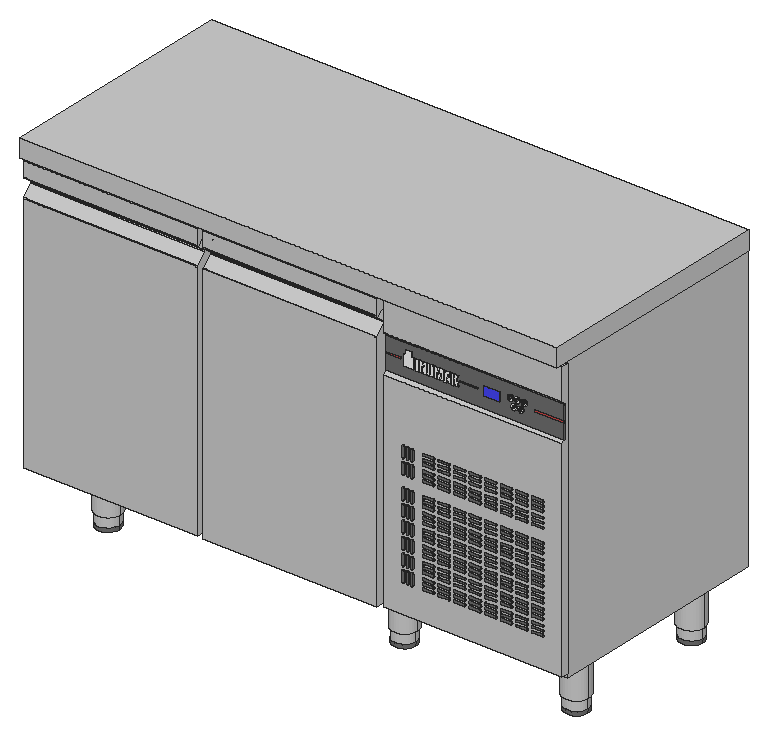
Revit family "QF_INOMAK_PMRP99_250528104133", category Specialty Equipment, Revit 2021 (continued)
Definition of nested family "QF_INOMAK_REF_COUNTERS_DOORS_DRAWERS_7216"
  Definition of nested family "Hopper"
    Automatic sketch dimensions
      Extrusion 1 sketch curve to Extrusion 1 sketch curve = 1.9 mm
      Extrusion 1 sketch curve to Extrusion 1 sketch curve = 0.515 mm
      Extrusion 1 sketch curve to Extrusion 1 sketch curve = 22.822 mm
      Extrusion 1 sketch curve to Extrusion 1 sketch curve = 19.985 mm
      Extrusion 1 sketch curve to Extrusion 1 sketch curve = 6.919 mm
      Extrusion 1 sketch curve to Extrusion 1 sketch curve = 30.039 mm
      Extrusion 2 sketch curve to plane 7 "Front legs" = 0 mm
      plane 13 to Extrusion 2 sketch curve = 0 mm
      plane 12 to Extrusion 2 sketch curve = 0 mm
      Extrusion 2 sketch curve to plane 5 "Front" = 565 mm
      curve 1 to plane 10 "Left panel" = 0 mm
      curve 2 to plane 11 "Right panel" = 0 mm
      curve 6 to plane 5 "Front" = 0 mm
      curve 5 to plane 5 "Front" = 0 mm
      curve 4 to plane 5 "Front" = 525 mm
      curve 3 to curve 3 = 40 mm
      plane 11 "Right panel" to curve 5 = 30 mm
      curve 6 to plane 10 "Left panel" = 30 mm
Definition of nested family "QF_INOMAK_REF_COUNTERS_DOORS_DRAWERS_16690"
  Parameters (values of type "DR-LX-710")
    Weight [instance] = 0.00 kg
    Warranty Start Date [instance] = ""
    Warranty Duration [instance] = ""
    URL Cutsheet [instance] = ""
    URL = "www.inomak.com"
    Top inset [instance] = 10 mm
    Technical Documentation [instance] = ""
    Tag Number [instance] = ""
    Status [instance] = ""
    Specification by User [instance] = ""
    Specification by Manufacturer [instance] = ""
    Sound Level [instance] = ""
    Solid Fuel Type [instance] = ""
    Show Logo [instance] = yes
    Show Clearances [instance] = yes
    Service Life Duration [instance] = ""
    Serial Number [instance] = ""
    Seismic Rating [instance] = ""
    SMACNA No [instance] = ""
    Right panel thickness [instance] = 0 mm
    Revision Code [instance] = ""
    Revision [instance] = ""
    Rear inset [instance] = 0 mm
    Production Year [instance] = ""
    Point Load [instance] = 0
    Plinth height [instance] = 0 mm
    Other Equipment Approvals [instance] = ""
    NAFEM Spec ID Number [instance] = ""
    Model Warning [instance] = ""
    Model = "DR-LX-710"
    Masterspec [instance] = ""
    Manufacturer = "INOMAK"
    Length Actual [instance] = 435 mm
    Left panel thickness [instance] = 0 mm
    Item Number [instance] = ""
    Installed By [instance] = ""
    Installation Date [instance] = ""
    Identify Quantity as Lot [instance] = yes
    ID [instance] = ""
    Hygiene Approval [instance] = ""
    Height Actual [instance] = 710 mm
    Furnished By [instance] = ""
    Front inset [instance] = 10 mm
    Foodservice Equipment Identifier [instance] = yes
    Finish [instance] = none
    ETL Approved [instance] = yes
    Doors drawers type [instance] = 8
    Description = "LEFT HINGED DOOR"
    Depth Actual [instance] = 700 mm
    Default Elevation = 0 mm
    CSI MasterFormat [instance] = ""
    CE Approved [instance] = yes
    Bottom inset [instance] = 10 mm
    Barcode [instance] = ""
    Author [instance] = ""
    Asset Identifier [instance] = ""
    Assembly Code = "E1090320"
    Accessory [instance] = yes
  Types (9, lengths in mm): name | Model | Height Actual | Doors drawers type | Description
    DW-2-710 | "DW-2-710" | 710 | 4 | "2 X GN 1/2 DRAWERS"
    DR-LX-710 | "DR-LX-710" | 710 | 8 | "LEFT HINGED DOOR"
    DR-RX-710 | "DR-RX-710" | 710 | 9 | "RIGHT HINGED DOOR"
    DW-3-710 | "DW-3-710" | 710 | 6 | "3 X GN 1/3 DRAWERS"
    DW-B-710 | "DW-B-710" | 710 | 5 | "1 X GN 1/3 & 1 X GN 2/3 DRAWERS"
    DW-2-483 | "DW-2-483" | 483 | 4 | "2 X GN 1/3 DRAWERS"
    DR-LX-483 | "DR-LX-483" | 483 | 8 | "LEFT HINGED DOOR"
    DR-RX-483 | "DR-RX-483" | 483 | 9 | "RIGHT HINGED DOOR"
    DW-1-483 | "DW-1-483" | 483 | 10 | "1 X GN 2/3 DRAWER"
  Reference planes
    plane 1 "Front": y = 0
    plane 2: z = 0
    plane 3 "Left": x = 0
    plane 4 "Right": x = 435
    plane 5 "Back": y = 700
    plane 6 "Top": z = 710
    plane 7 "Bottom shelf": z = 0
    plane 8: z = 700
    plane 9: z = 10
    plane 10: x = 0
    plane 11: x = 435
    plane 12 "Center Top Bottom": z = 355
  Lines and regions (mm)
    reference lines
      curve 1: line (0, 0, 355) -> (0, 25, 355)
      curve 2: line (435, 0, 355) -> (435, 25, 355)
      curve 3: line (0, 700, 355) -> (435, 700, 355)
      curve 4: line (0, 0, 355) -> (435, 0, 355)
  Dimensions and locks
    "Length Actual": plane 3 "Left" to plane 4 "Right"
    "Depth Actual": plane 1 "Front" to plane 5 "Back"
    "Height Actual": plane 6 "Top" to plane 7 "Bottom shelf"
    "Plinth height": plane 7 "Bottom shelf" to plane 2
    "Top inset": plane 6 "Top" to plane 8
    "Bottom inset": plane 9 to plane 7 "Bottom shelf"
    "Left panel thickness": plane 3 "Left" to plane 10
    "Right panel thickness": plane 11 to plane 4 "Right"
    equal spacing: plane 6 "Top", plane 12 "Center Top Bottom", plane 7 "Bottom shelf"
    "Length Actual": curve 1 to plane 4 "Right"
    "Length Actual": plane 3 "Left" to curve 2
    "Depth Actual": plane 1 "Front" to curve 3
    "Depth Actual": plane 5 "Back" to curve 4
    aligned and locked: level to plane 2
    aligned and locked: plane 3 "Left" to nested 1
    aligned and locked: plane 3 "Left" to nested 2
    aligned and locked: plane 3 "Left" to nested 3
    aligned and locked: plane 3 "Left" to nested 4
    aligned and locked: plane 3 "Left" to nested 5
    aligned and locked: plane 3 "Left" to nested 6
    aligned and locked: plane 3 "Left" to nested 7
    aligned and locked: plane 3 "Left" to nested 8
    aligned and locked: plane 3 "Left" to nested 9
    aligned and locked: nested 4 to plane 1 "Front"
    aligned and locked: nested 6 to plane 1 "Front"
    aligned and locked: nested 8 to plane 1 "Front"
    aligned and locked: nested 5 to plane 1 "Front"
    aligned and locked: nested 3 to plane 1 "Front"
    aligned and locked: nested 7 to plane 1 "Front"
    aligned and locked: nested 2 to plane 1 "Front"
    aligned and locked: nested 1 to plane 1 "Front"
    aligned and locked: nested 9 to plane 1 "Front"
  Automatic sketch dimensions
    curve 3 to plane 4 "Right" = 0 mm
    curve 3 to plane 3 "Left" = 0 mm
    curve 2 to curve 2 = 25 mm
    curve 1 to curve 1 = 25 mm
  Nested families
    nested 1: "Right_Door" at (0, 700, 0), Depth Actual <- "Depth Actual", Height Actual <- "Height Actual", Length Actual <- "Length Actual", Front inset <- "Front inset", Rear inset <- "Rear inset", Left panel thickness <- "Left panel thickness", Right panel thickness <- "Right panel thickness", Doors drawers type <- "Doors drawers type", Plinth height <- "Plinth height", Top inset <- "Top inset", Bottom inset <- "Bottom inset", type "Right door"
      with Top inset 10 mm, Right panel thickness 0 mm, Right hand hinged door no, Rear inset 0 mm, Plinth height 0 mm, Length Actual 435 mm, Left panel thickness 0 mm, Height Actual 710 mm, Front inset 10 mm, Doors drawers type 8, Depth Actual 700 mm, Bottom inset 10 mm
    nested 2: "Left_Door" at (0, 700, 0), Depth Actual <- "Depth Actual", Height Actual <- "Height Actual", Length Actual <- "Length Actual", Front inset <- "Front inset", Rear inset <- "Rear inset", Left panel thickness <- "Left panel thickness", Right panel thickness <- "Right panel thickness", Doors drawers type <- "Doors drawers type", Plinth height <- "Plinth height", Top inset <- "Top inset", Bottom inset <- "Bottom inset", type "Left door"
      with Top inset 10 mm, Right panel thickness 0 mm, Rear inset 0 mm, Plinth height 0 mm, Length Actual 435 mm, Left panel thickness 0 mm, Left hand hinged door yes, Height Actual 710 mm, Front inset 10 mm, Doors drawers type 8, Depth Actual 700 mm, Bottom inset 10 mm
    nested 3: "3_Drawers_1-3" at (0, 700, 0), Depth Actual <- "Depth Actual", Height Actual <- "Height Actual", Length Actual <- "Length Actual", Front inset <- "Front inset", Rear inset <- "Rear inset", Left panel thickness <- "Left panel thickness", Right panel thickness <- "Right panel thickness", Doors drawers type <- "Doors drawers type", Plinth height <- "Plinth height", Top inset <- "Top inset", Bottom inset <- "Bottom inset", type "3 Drawers 1-3"
      with Top inset 10 mm, Right panel thickness 0 mm, Rear inset 0 mm, Plinth height 0 mm, Length Actual 435 mm, Left panel thickness 0 mm, Height Actual 710 mm, Front inset 10 mm, Doors drawers type 8, Depth Actual 700 mm, Bottom inset 10 mm, 3 Drawers no
    nested 4: "2_Drawers_1-2" at (0, 700, 0), Depth Actual <- "Depth Actual", Height Actual <- "Height Actual", Length Actual <- "Length Actual", Front inset <- "Front inset", Rear inset <- "Rear inset", Left panel thickness <- "Left panel thickness", Right panel thickness <- "Right panel thickness", Doors drawers type <- "Doors drawers type", Plinth height <- "Plinth height", Top inset <- "Top inset", Bottom inset <- "Bottom inset", type "2 Drawers 1-2"
      with Top inset 10 mm, Right panel thickness 0 mm, Rear inset 0 mm, Plinth height 0 mm, Length Actual 435 mm, Left panel thickness 0 mm, Height Actual 710 mm, Front inset 10 mm, Doors drawers type 8, Depth Actual 700 mm, Bottom inset 10 mm, 2 Drawers no
    nested 5: "2_Drawers_1-3_2-3" at (0, 700, 0), Depth Actual <- "Depth Actual", Height Actual <- "Height Actual", Length Actual <- "Length Actual", Front inset <- "Front inset", Rear inset <- "Rear inset", Left panel thickness <- "Left panel thickness", Right panel thickness <- "Right panel thickness", Doors drawers type <- "Doors drawers type", Plinth height <- "Plinth height", Top inset <- "Top inset", Bottom inset <- "Bottom inset", type "2 Drawers 1-3 and 2-3"
      with Top inset 10 mm, Right panel thickness 0 mm, Rear inset 0 mm, Plinth height 0 mm, Length Actual 435 mm, Left panel thickness 0 mm, Height Actual 710 mm, Front inset 10 mm, Doors drawers type 8, Depth Actual 700 mm, Bottom inset 10 mm, 2 Drawers 1-3 and 2-3 no
    nested 6: "Sliding_Doors" at (0, 700, 0), Depth Actual <- "Depth Actual", Height Actual <- "Height Actual", Length Actual <- "Length Actual", Front inset <- "Front inset", Rear inset <- "Rear inset", Left panel thickness <- "Left panel thickness", Right panel thickness <- "Right panel thickness", Doors drawers type <- "Doors drawers type", Plinth height <- "Plinth height", Top inset <- "Top inset", Bottom inset <- "Bottom inset", Finish <- "Finish", type "Sliding doors"
      with Top inset 10 mm, Sliding doors no, Right panel thickness 0 mm, Rear inset 0 mm, Plinth height 0 mm, Length Actual 435 mm, Left panel thickness 0 mm, Height Actual 710 mm, Front inset 10 mm, Finish none, Doors drawers type 8, Depth Actual 700 mm, Bottom inset 10 mm
    nested 7: "4_Drawers_1-4" at (0, 700, 0), Depth Actual <- "Depth Actual", Height Actual <- "Height Actual", Length Actual <- "Length Actual", Front inset <- "Front inset", Rear inset <- "Rear inset", Left panel thickness <- "Left panel thickness", Right panel thickness <- "Right panel thickness", Doors drawers type <- "Doors drawers type", Plinth height <- "Plinth height", Top inset <- "Top inset", Bottom inset <- "Bottom inset", Finish <- "Finish", type "4 Drawers 1-4"
      with Top inset 10 mm, Right panel thickness 0 mm, Rear inset 0 mm, Plinth height 0 mm, Length Actual 435 mm, Left panel thickness 0 mm, Height Actual 710 mm, Front inset 10 mm, Finish none, Doors drawers type 8, Depth Actual 700 mm, Bottom inset 10 mm, 4 Drawers no
    nested 8: "Hinged_Doors" at (0, 700, 0), Length Actual <- "Length Actual", Depth Actual <- "Depth Actual", Height Actual <- "Height Actual", Front inset <- "Front inset", Rear inset <- "Rear inset", Left panel thickness <- "Left panel thickness", Right panel thickness <- "Right panel thickness", Doors drawers type <- "Doors drawers type", Plinth height <- "Plinth height", Top inset <- "Top inset", Bottom inset <- "Bottom inset", Finish <- "Finish", type "Hinged doors"
      with Top inset 10 mm, Right panel thickness 0 mm, Rear inset 0 mm, Plinth height 0 mm, Length Actual 435 mm, Left panel thickness 0 mm, Hinged doors no, Height Actual 710 mm, Front inset 10 mm, Finish none, Doors drawers type 8, Depth Actual 700 mm, Bottom inset 10 mm
    nested 9: "Hopper" at (0, 700, 1.284), Length Actual <- "Length Actual", Depth Actual <- "Depth Actual", Height Actual <- "Height Actual", Front inset <- "Front inset", Rear inset <- "Rear inset", Left panel thickness <- "Left panel thickness", Right panel thickness <- "Right panel thickness", Doors drawers type <- "Doors drawers type", Plinth height <- "Plinth height", Top inset <- "Top inset", Bottom inset <- "Bottom inset", Finish <- "Finish", type "Hopper"
      with Top inset 10 mm, Right panel thickness 0 mm, Rear inset 0 mm, Plinth height 0 mm, Length Actual 435 mm, Left panel thickness 0 mm, Hopper no, Height Actual 710 mm, Front inset 10 mm, Finish none, Doors drawers type 8, Depth Actual 700 mm, Bottom inset 10 mm
  Definition of nested family "Left_Door"
    Parameters (values of type "Left door")
      URL = "www.specifiglobal.com"
      Top inset [instance] = 10 mm
      Right panel thickness [instance] = 0 mm
      Rear inset [instance] = 0 mm
      Plinth height [instance] = 150 mm
      Model = ""
      Manufacturer = "DEMO CONSULTANT"
      Length Actual [instance] = 700 mm
      Left panel thickness [instance] = 0 mm
      Left hand hinged door [instance] = Doors drawers type = 8  # yes
      Height Actual [instance] = 710 mm
      Front inset [instance] = 10 mm
      Finish = none
      Doors drawers type [instance] = 8
      Description = ""
      Depth Actual [instance] = 700 mm
      Default Elevation = 0 mm
      Bottom inset [instance] = 0 mm
      Assembly Code = "E1090320"
    Reference planes
      plane 1 "Back": y = 0
      plane 2: z = 0
      plane 3 "Left": x = 0
      plane 4 "Right": x = 700
      plane 5 "Front": y = -700
      plane 6 "Top": z = 860
      plane 7 "Front legs": y = -690
      plane 8 "Legs top": z = 150
      plane 9 "Backsplash thickness": y = 0
      plane 10 "Left panel": x = 0
      plane 11 "Right panel": x = 700
      plane 12: z = 850
      plane 13: z = 150
    Forms (mm)
      Extrusion 1, solid, material <- "Finish", visible <- "Left hand hinged door"
        sketch origin (0, 0, 0) x (0, -1, 0) y (0, 0, 1)
          loop
            line (690, 150) -> (690, 764.365)
            arc (690, 764.365) -> (689.866, 765.037) -> (689.485, 765.607) r 1.757
            line (689.485, 765.607) -> (666.663, 788.429)
            arc (666.663, 788.429) -> (665.976, 789.458) -> (665.734, 790.672) r 3.172
            line (665.734, 790.672) -> (665.734, 817.576)
            arc (665.734, 817.576) -> (666.433, 819.262) -> (668.119, 819.961) r 2.385
            line (668.119, 819.961) -> (680.029, 819.961) -> (686.544, 810.657)
            arc (686.544, 810.657) -> (688.671, 809.935) -> (690, 811.747) r 1.9
            line (690, 811.747) -> (690, 850) -> (648, 850) -> (648, 150) -> (690, 150)
        from 0 to -700
      Extrusion 2, solid, visible <- "Left hand hinged door", detail levels coarse
        sketch origin (0, -700, 150) x (-1, 0, 0) y (0, 1, 0)
          loop
            arc (-700, 10) -> (-495.871, -481.066) -> (0, -673.23) r 677.11
            line (0, -673.23) -> (0, 10) -> (-700, 10)
        from 0 to -700
    Lines and regions (mm)
      symbolic lines, visible <- "Left hand hinged door"
        curve 1: line (0, -700, 150) -> (0, -1373.247, 150)
        curve 2: arc (0, -1373.247, 150) -> (492.316, -1184.595, 150) -> (700, -700, 150) r 676.963
    Dimensions and locks
      "Length Actual": plane 3 "Left" to plane 4 "Right"
      "Depth Actual": plane 5 "Front" to plane 1 "Back"
      "Height Actual": plane 6 "Top" to plane 8 "Legs top"
      "Front inset": plane 7 "Front legs" to plane 5 "Front"
      "Plinth height": plane 8 "Legs top" to plane 2
      "Rear inset": plane 9 "Backsplash thickness" to plane 1 "Back"
      "Right panel thickness": plane 11 "Right panel" to plane 4 "Right"
      "Left panel thickness": plane 3 "Left" to plane 10 "Left panel"
      "Top inset": plane 6 "Top" to plane 12
      "Bottom inset": plane 13 to plane 8 "Legs top"
      aligned and locked: level to plane 2
      aligned and locked: Extrusion 1 to plane 11 "Right panel"
      aligned and locked: plane 10 "Left panel" to Extrusion 2 sketch curve
      aligned and locked: plane 11 "Right panel" to Extrusion 2 sketch curve
      aligned and locked: Extrusion 2 sketch curve to plane 10 "Left panel"
      aligned and locked: plane 7 "Front legs" to Extrusion 2 sketch curve
      aligned and locked: plane 7 "Front legs" to Extrusion 2
      aligned and locked: plane 10 "Left panel" to Extrusion 2
      aligned and locked: Extrusion 2 to plane 12
      aligned and locked: Extrusion 1 sketch curve to plane 13
      aligned and locked: Extrusion 1 sketch curve to plane 7 "Front legs"
      aligned and locked: Extrusion 1 sketch curve to plane 12
    Automatic sketch dimensions
      Extrusion 1 sketch curve to Extrusion 1 sketch curve = 1.556 mm
      Extrusion 1 sketch curve to Extrusion 1 sketch curve = 11.91 mm
      Extrusion 1 sketch curve to Extrusion 1 sketch curve = 2.243 mm
      Extrusion 1 sketch curve to Extrusion 1 sketch curve = 2.385 mm
      Extrusion 1 sketch curve to Extrusion 1 sketch curve = 20.119 mm
      Extrusion 1 sketch curve to Extrusion 1 sketch curve = 22.822 mm
      Extrusion 1 sketch curve to Extrusion 1 sketch curve = 19.985 mm
      Extrusion 1 sketch curve to Extrusion 1 sketch curve = 6.919 mm
      Extrusion 1 sketch curve to Extrusion 1 sketch curve = 30.039 mm
      plane 7 "Front legs" to Extrusion 1 sketch curve = 42 mm
      Extrusion 1 sketch curve to Extrusion 1 sketch curve = 0.929 mm
      Extrusion 1 sketch curve to Extrusion 1 sketch curve = 6.515 mm
      Extrusion 1 sketch curve to Extrusion 1 sketch curve = 1.242 mm
      Extrusion 1 sketch curve to Extrusion 1 sketch curve = 1.9 mm
      Extrusion 1 sketch curve to Extrusion 1 sketch curve = 0.515 mm
      plane 5 "Front" to Extrusion 2 sketch curve = 3.492 mm
      plane 3 "Left" to Extrusion 2 sketch curve = 22.921 mm
      curve 1 to plane 3 "Left" = 0 mm
      curve 2 to plane 4 "Right" = 0 mm
      curve 2 to plane 5 "Front" = 0 mm
      curve 1 to plane 5 "Front" = 0 mm
      plane 5 "Front" to curve 2 = 3.324 mm
      plane 3 "Left" to curve 2 = 23.045 mm
  Definition of nested family "Right_Door"
    Parameters (values of type "Right door")
      URL = "www.specifiglobal.com"
      Top inset [instance] = 4 mm
      Right panel thickness [instance] = 35 mm
      Right hand hinged door [instance] = Doors drawers type = 9  # yes
      Rear inset [instance] = 10 mm
      Plinth height [instance] = 150 mm
      Model = ""
      Manufacturer = "DEMO CONSULTANT"
      Length Actual [instance] = 1700 mm
      Left panel thickness [instance] = 35 mm
      Height Actual [instance] = 900 mm
      Front inset [instance] = 10 mm
      Finish = none
      Doors drawers type [instance] = 9
      Description = ""
      Depth Actual [instance] = 700 mm
      Default Elevation = 0 mm
      Bottom inset [instance] = 4 mm
      Assembly Code = "E1090320"
    Reference planes
      plane 1 "Back": y = 0
      plane 2: z = 0
      plane 3 "Left": x = 0
      plane 4 "Right": x = 1700
      plane 5 "Front": y = -700
      plane 6 "Top": z = 1050
      plane 7 "Front legs": y = -690
      plane 8 "Legs top": z = 150
      plane 9 "Backsplash thickness": y = -10
      plane 10 "Left panel": x = 35
      plane 11 "Right panel": x = 1665
      plane 12: z = 1046
      plane 13: z = 154
    Forms (mm)
      Extrusion 1, solid, material <- "Finish", visible <- "Right hand hinged door"
        sketch origin (35, 0, 0) x (0, -1, 0) y (0, 0, 1)
          loop
            line (690, 154) -> (690, 960.365)
            arc (690, 960.365) -> (689.866, 961.037) -> (689.485, 961.607) r 1.757
            line (689.485, 961.607) -> (666.663, 984.429)
            arc (666.663, 984.429) -> (665.976, 985.458) -> (665.734, 986.672) r 3.172
            line (665.734, 986.672) -> (665.734, 1013.576)
            arc (665.734, 1013.576) -> (666.433, 1015.262) -> (668.119, 1015.961) r 2.385
            line (668.119, 1015.961) -> (680.029, 1015.961) -> (686.544, 1006.657)
            arc (686.544, 1006.657) -> (688.671, 1005.935) -> (690, 1007.747) r 1.9
            line (690, 1007.747) -> (690, 1046) -> (648, 1046) -> (648, 154) -> (690, 154)
        from 0 to -1630
      Extrusion 2, solid, visible <- "Right hand hinged door", detail levels coarse
        sketch origin (0, -700, 154) x (-1, 0, 0) y (0, 1, 0)
          loop
            line (-1665, 10) -> (-1665, -1637.12)
            arc (-1665, -1637.12) -> (-517.894, -1142.214) -> (-35, 10) r 1670.236
            line (-35, 10) -> (-1665, 10)
        from 0 to -892
    Lines and regions (mm)
      symbolic lines, visible <- "Right hand hinged door"
        curve 1: line (1665, -2337.12, 150) -> (1665, -700, 150)
        curve 2: arc (1665, -2337.12, 150) -> (521.415, -1845.762, 150) -> (35.165, -699.995, 150) r 1670.236
    Dimensions and locks
      "Length Actual": plane 3 "Left" to plane 4 "Right"
      "Depth Actual": plane 5 "Front" to plane 1 "Back"
      "Height Actual": plane 6 "Top" to plane 8 "Legs top"
      "Front inset": plane 7 "Front legs" to plane 5 "Front"
      "Plinth height": plane 8 "Legs top" to plane 2
      "Rear inset": plane 9 "Backsplash thickness" to plane 1 "Back"
      "Right panel thickness": plane 11 "Right panel" to plane 4 "Right"
      "Left panel thickness": plane 3 "Left" to plane 10 "Left panel"
      "Top inset": plane 6 "Top" to plane 12
      "Bottom inset": plane 13 to plane 8 "Legs top"
      aligned and locked: level to plane 2
      aligned and locked: Extrusion 1 to plane 11 "Right panel"
      aligned and locked: plane 10 "Left panel" to Extrusion 2 sketch curve
      aligned and locked: plane 11 "Right panel" to Extrusion 2 sketch curve
      aligned and locked: plane 7 "Front legs" to Extrusion 2
      aligned and locked: plane 7 "Front legs" to Extrusion 2 sketch curve
      aligned and locked: Extrusion 2 sketch curve to plane 11 "Right panel"
      aligned and locked: curve 1 to Extrusion 2
      aligned and locked: plane 5 "Front" to curve 1
      aligned and locked: Extrusion 2 to plane 12
      aligned and locked: Extrusion 1 sketch curve to plane 12
      aligned and locked: Extrusion 1 sketch curve to plane 7 "Front legs"
      aligned and locked: Extrusion 1 sketch curve to plane 13
      aligned and locked: curve 2 to Extrusion 2
    Automatic sketch dimensions
      Extrusion 1 sketch curve to Extrusion 1 sketch curve = 1.556 mm
      Extrusion 1 sketch curve to Extrusion 1 sketch curve = 11.91 mm
      Extrusion 1 sketch curve to Extrusion 1 sketch curve = 2.243 mm
      Extrusion 1 sketch curve to Extrusion 1 sketch curve = 2.385 mm
      Extrusion 1 sketch curve to Extrusion 1 sketch curve = 20.119 mm
      Extrusion 1 sketch curve to Extrusion 1 sketch curve = 22.822 mm
      Extrusion 1 sketch curve to Extrusion 1 sketch curve = 19.985 mm
      Extrusion 1 sketch curve to Extrusion 1 sketch curve = 6.919 mm
      Extrusion 1 sketch curve to Extrusion 1 sketch curve = 30.039 mm
      plane 7 "Front legs" to Extrusion 1 sketch curve = 42 mm
      Extrusion 1 sketch curve to Extrusion 1 sketch curve = 0.929 mm
      Extrusion 1 sketch curve to Extrusion 1 sketch curve = 6.515 mm
      Extrusion 1 sketch curve to Extrusion 1 sketch curve = 1.242 mm
      Extrusion 1 sketch curve to Extrusion 1 sketch curve = 1.9 mm
      Extrusion 1 sketch curve to Extrusion 1 sketch curve = 0.515 mm
      Extrusion 2 sketch curve to plane 4 "Right" = 5.083 mm
      plane 7 "Front legs" to Extrusion 2 sketch curve = 22.635 mm
      plane 5 "Front" to curve 2 = 0.005 mm
  Definition of nested family "3_Drawers_1-3"
    Parameters (values of type "3 Drawers 1-3")
      URL = "www.specifiglobal.com"
      Top inset [instance] = 4 mm
      Right panel thickness [instance] = 35 mm
      Rear inset [instance] = 10 mm
      Plinth height [instance] = 150 mm
      Model = ""
      Manufacturer = "DEMO CONSULTANT"
      Length Actual [instance] = 1200 mm
      Left panel thickness [instance] = 35 mm
      Height Actual [instance] = 900 mm
      Front inset [instance] = 10 mm
      Finish = none
      Doors drawers type [instance] = 6
      Description = ""
      Depth Actual [instance] = 700 mm
      Default Elevation = 0 mm
      Bottom inset [instance] = 4 mm
      Assembly Code = "E1090320"
      3 Drawers [instance] = Doors drawers type = 6  # yes
    Reference planes
      plane 1 "Back": y = 0
      plane 2: z = 0
      plane 3 "Left": x = 0
      plane 4 "Right": x = 1200
      plane 5 "Front": y = -700
      plane 6 "Top": z = 1050
      plane 7 "Front legs": y = -690
      plane 8 "Legs top": z = 150
      plane 9 "Backsplash thickness": y = -10
      plane 10 "Left panel": x = 35
      plane 11 "Right panel": x = 1165
      plane 12: z = 749.333
      plane 13: z = 1046
      plane 14: z = 751.667
      plane 15: z = 747
      plane 16: z = 1048
      plane 17: z = 450.667
      plane 18: z = 453.333
      plane 19: z = 448
      plane 20: z = 154
      plane 21: z = 152
    Forms (mm)
      Extrusion 1, solid, material <- "Finish", visible <- "3 Drawers"
        sketch origin (35, 0, 0) x (0, -1, 0) y (0, 0, 1)
          loop
            line (690, 751.667) -> (690, 960.365)
            arc (690, 960.365) -> (689.866, 961.037) -> (689.485, 961.607) r 1.757
            line (689.485, 961.607) -> (666.663, 984.429)
            arc (666.663, 984.429) -> (665.976, 985.458) -> (665.734, 986.672) r 3.172
            line (665.734, 986.672) -> (665.734, 1013.576)
            arc (665.734, 1013.576) -> (666.433, 1015.262) -> (668.119, 1015.961) r 2.385
            line (668.119, 1015.961) -> (680.029, 1015.961) -> (686.544, 1006.657)
            arc (686.544, 1006.657) -> (688.671, 1005.935) -> (690, 1007.747) r 1.9
            line (690, 1007.747) -> (690, 1046) -> (648, 1046) -> (648, 751.667) -> (690, 751.667)
        from 0 to -1130
      Extrusion 2, solid, visible <- "3 Drawers", detail levels coarse
        sketch origin (0, -640.463, 751.667) x (0, 1, 0) y (-1, 0, 0)
          loop
            line (-49.537, -35) -> (-624.582, -35) -> (-624.582, -1165) -> (-49.537, -1165) -> (-49.537, -35)
        from 0 to 294.333
      Extrusion 3, solid, visible <- "3 Drawers", detail levels coarse
        sketch origin (0, -640.463, 453.333) x (0, 1, 0) y (-1, 0, 0)
          loop
            line (-49.537, -35) -> (-624.582, -35) -> (-624.582, -1165) -> (-49.537, -1165) -> (-49.537, -35)
        from 0 to 293.667
      Extrusion 4, solid, visible <- "3 Drawers", detail levels coarse
        sketch origin (0, -700, 154) x (-1, 0, 0) y (0, 1, 0)
          loop
            line (-35, 10) -> (-1165, 10) -> (-1165, -565.045) -> (-35, -565.045) -> (-35, 10)
        from 0 to -294
      Extrusion 5, solid, material <- "Finish", visible <- "3 Drawers"
        sketch origin (35, 0, -220.667) x (0, -1, 0) y (0, 0, 1)
          loop
            line (690, 674) -> (690, 882.031)
            arc (690, 882.031) -> (689.866, 882.704) -> (689.485, 883.274) r 1.757
            line (689.485, 883.274) -> (666.663, 906.096)
            arc (666.663, 906.096) -> (665.976, 907.125) -> (665.734, 908.339) r 3.172
            line (665.734, 908.339) -> (665.734, 935.243)
            arc (665.734, 935.243) -> (666.433, 936.929) -> (668.119, 937.628) r 2.385
            line (668.119, 937.628) -> (680.029, 937.628) -> (686.544, 928.324)
            arc (686.544, 928.324) -> (688.671, 927.602) -> (690, 929.414) r 1.9
            line (690, 929.414) -> (690, 967.667) -> (648, 967.667) -> (648, 674) -> (690, 674)
        from 0 to -1130
      Extrusion 6, solid, material <- "Finish", visible <- "3 Drawers"
        sketch origin (35, 0, -441.333) x (0, -1, 0) y (0, 0, 1)
          loop
            line (690, 595.333) -> (690, 800.031)
            arc (690, 800.031) -> (689.866, 800.704) -> (689.485, 801.274) r 1.757
            line (689.485, 801.274) -> (666.663, 824.096)
            arc (666.663, 824.096) -> (665.976, 825.125) -> (665.734, 826.339) r 3.172
            line (665.734, 826.339) -> (665.734, 857.243)
            arc (665.734, 857.243) -> (666.433, 858.929) -> (668.119, 859.628) r 2.385
            line (668.119, 859.628) -> (680.029, 859.628) -> (686.544, 850.324)
            arc (686.544, 850.324) -> (688.671, 849.602) -> (690, 851.414) r 1.9
            line (690, 851.414) -> (690, 889.333) -> (648, 889.333) -> (648, 595.333) -> (690, 595.333)
        from 0 to -1130
    Lines and regions (mm)
      symbolic lines, visible <- "3 Drawers"
        curve 1: line (35, -850, 900) -> (35, -890, 900)
        curve 2: line (35, -890, 900) -> (1165, -890, 900)
        curve 3: line (1165, -890, 900) -> (1165, -850, 900)
        curve 4: line (1165, -850, 900) -> (35, -850, 900)
        curve 5: line (1135, -850, 900) -> (1135, -700, 900)
        curve 6: line (65, -850, 900) -> (65, -700, 900)
        curve 7: line (35, -1040, 900) -> (35, -1080, 900)
        curve 8: line (35, -1080, 900) -> (1165, -1080, 900)
        curve 9: line (1165, -1080, 900) -> (1165, -1040, 900)
        curve 10: line (1165, -1040, 900) -> (35, -1040, 900)
        curve 11: line (1135, -1040, 900) -> (1135, -890, 900)
        curve 12: line (65, -1040, 900) -> (65, -890, 900)
        curve 13: line (35, -1225, 900) -> (35, -1265, 900)
        curve 14: line (35, -1265, 900) -> (1165, -1265, 900)
        curve 15: line (1165, -1265, 900) -> (1165, -1225, 900)
        curve 16: line (1165, -1225, 900) -> (35, -1225, 900)
        curve 17: line (1135, -1225, 900) -> (1135, -1080, 900)
        curve 18: line (65, -1225, 900) -> (65, -1080, 900)
    Dimensions and locks
      "Length Actual": plane 3 "Left" to plane 4 "Right"
      "Depth Actual": plane 5 "Front" to plane 1 "Back"
      "Height Actual": plane 6 "Top" to plane 8 "Legs top"
      "Front inset": plane 7 "Front legs" to plane 5 "Front"
      "Plinth height": plane 8 "Legs top" to plane 2
      "Rear inset": plane 9 "Backsplash thickness" to plane 1 "Back"
      "Right panel thickness": plane 11 "Right panel" to plane 4 "Right"
      "Left panel thickness": plane 3 "Left" to plane 10 "Left panel"
      plane 14 to plane 15 = 4.667 mm
      equal spacing: plane 14, plane 12, plane 15
      locked: plane 16 to plane 13 at 2
      equal spacing: plane 18, plane 17, plane 19
      plane 18 to plane 19 = 5.333 mm
      "Bottom inset": plane 20 to plane 8 "Legs top"
      equal spacing: plane 21, plane 17, plane 12, plane 16
      "Top inset": plane 13 to plane 6 "Top"
      locked: plane 21 to plane 20 at 2
      aligned and locked: level to plane 2
      aligned and locked: Extrusion 1 to plane 11 "Right panel"
      aligned and locked: plane 10 "Left panel" to curve 1
      aligned and locked: plane 10 "Left panel" to curve 7
      aligned and locked: plane 10 "Left panel" to curve 13
      aligned and locked: Extrusion 2 sketch curve to plane 10 "Left panel"
      aligned and locked: plane 11 "Right panel" to Extrusion 2 sketch curve
      aligned and locked: Extrusion 3 sketch curve to plane 10 "Left panel"
      aligned and locked: plane 11 "Right panel" to Extrusion 3 sketch curve
      aligned and locked: Extrusion 4 sketch curve to plane 10 "Left panel"
      aligned and locked: plane 11 "Right panel" to Extrusion 4 sketch curve
      aligned and locked: Extrusion 2 to plane 13
      aligned and locked: Extrusion 3 to plane 15
      aligned and locked: Extrusion 4 to plane 19
      aligned and locked: Extrusion 5 to plane 11 "Right panel"
      aligned and locked: Extrusion 6 to plane 11 "Right panel"
      aligned and locked: Extrusion 1 sketch curve to plane 13
      aligned and locked: Extrusion 1 sketch curve to plane 7 "Front legs"
      aligned and locked: plane 18 to Extrusion 5 sketch curve
      aligned and locked: Extrusion 6 sketch curve to Extrusion 4  (x2)
      aligned and locked: Extrusion 5 sketch curve to plane 15
      aligned and locked: Extrusion 4 to Extrusion 5 sketch curve
      aligned and locked: Extrusion 6 sketch curve to plane 19
      aligned and locked: Extrusion 6 sketch curve to plane 20
    Automatic sketch dimensions
      Extrusion 2 sketch curve to plane 7 "Front legs" = 0 mm
      Extrusion 2 sketch curve to plane 5 "Front" = 565.045 mm
      Extrusion 3 sketch curve to plane 7 "Front legs" = 0 mm
      Extrusion 3 sketch curve to plane 5 "Front" = 565.045 mm
      Extrusion 4 sketch curve to plane 7 "Front legs" = 0 mm
      Extrusion 4 sketch curve to plane 5 "Front" = 565.045 mm
      curve 14 to plane 11 "Right panel" = 0 mm
      curve 8 to plane 11 "Right panel" = 0 mm
      curve 3 to plane 11 "Right panel" = 0 mm
      curve 6 to plane 5 "Front" = 0 mm
      curve 5 to plane 5 "Front" = 0 mm
      curve 1 to plane 5 "Front" = 150 mm
      curve 2 to curve 3 = 40 mm
      curve 10 to curve 1 = 150 mm
      curve 9 to curve 9 = 40 mm
      curve 13 to curve 7 = 145 mm
      curve 14 to curve 13 = 40 mm
      curve 3 to curve 5 = 30 mm
      curve 15 to curve 17 = 30 mm
      curve 11 to curve 17 = 0 mm
      curve 6 to plane 10 "Left panel" = 30 mm
      curve 18 to plane 10 "Left panel" = 30 mm
      curve 12 to curve 18 = 0 mm
      Extrusion 1 sketch curve to plane 14 = 0 mm
      Extrusion 1 sketch curve to plane 7 "Front legs" = 0 mm
      plane 7 "Front legs" to Extrusion 1 sketch curve = 0.515 mm
      plane 7 "Front legs" to Extrusion 1 sketch curve = 1.757 mm
      plane 7 "Front legs" to Extrusion 1 sketch curve = 1.9 mm
      Extrusion 1 sketch curve to Extrusion 1 sketch curve = 1.556 mm
      plane 7 "Front legs" to Extrusion 1 sketch curve = 9.971 mm
      plane 7 "Front legs" to Extrusion 1 sketch curve = 21.094 mm
      Extrusion 1 sketch curve to Extrusion 1 sketch curve = 11.91 mm
      Extrusion 1 sketch curve to Extrusion 1 sketch curve = 2.243 mm
      Extrusion 1 sketch curve to Extrusion 1 sketch curve = 2.385 mm
      Extrusion 1 sketch curve to Extrusion 1 sketch curve = 20.119 mm
      plane 13 to Extrusion 1 sketch curve = 85.635 mm
      Extrusion 1 sketch curve to Extrusion 1 sketch curve = 22.822 mm
      Extrusion 1 sketch curve to Extrusion 1 sketch curve = 19.985 mm
      Extrusion 1 sketch curve to Extrusion 1 sketch curve = 6.919 mm
      plane 15 to Extrusion 5 sketch curve = 59.328 mm
      Extrusion 5 sketch curve to Extrusion 5 sketch curve = 17.734 mm
      plane 15 to Extrusion 5 sketch curve = 61.571 mm
      Extrusion 5 sketch curve to Extrusion 5 sketch curve = 0.929 mm
      Extrusion 5 sketch curve to Extrusion 5 sketch curve = 2.385 mm
      Extrusion 5 sketch curve to Extrusion 5 sketch curve = 11.91 mm
      Extrusion 5 sketch curve to Extrusion 5 sketch curve = 6.515 mm
      Extrusion 5 sketch curve to Extrusion 5 sketch curve = 1.556 mm
      Extrusion 5 sketch curve to Extrusion 5 sketch curve = 21.58 mm
      plane 15 to Extrusion 5 sketch curve = 84.393 mm
      Extrusion 5 sketch curve to Extrusion 5 sketch curve = 1.242 mm
      Extrusion 5 sketch curve to Extrusion 5 sketch curve = 1.9 mm
      Extrusion 5 sketch curve to Extrusion 5 sketch curve = 0.515 mm
      Extrusion 5 sketch curve to Extrusion 5 sketch curve = 6.919 mm
      Extrusion 5 sketch curve to Extrusion 5 sketch curve = 30.039 mm
      plane 7 "Front legs" to Extrusion 6 sketch curve = 0.515 mm
      plane 7 "Front legs" to Extrusion 6 sketch curve = 1.757 mm
      plane 7 "Front legs" to Extrusion 6 sketch curve = 1.9 mm
      Extrusion 6 sketch curve to Extrusion 6 sketch curve = 1.556 mm
      plane 7 "Front legs" to Extrusion 6 sketch curve = 9.971 mm
      plane 7 "Front legs" to Extrusion 6 sketch curve = 21.094 mm
      Extrusion 6 sketch curve to Extrusion 6 sketch curve = 11.91 mm
      Extrusion 6 sketch curve to Extrusion 6 sketch curve = 2.243 mm
      Extrusion 6 sketch curve to Extrusion 6 sketch curve = 2.385 mm
      Extrusion 6 sketch curve to Extrusion 6 sketch curve = 20.119 mm
      plane 19 to Extrusion 6 sketch curve = 89.302 mm
      Extrusion 6 sketch curve to Extrusion 6 sketch curve = 22.822 mm
      Extrusion 6 sketch curve to Extrusion 6 sketch curve = 23.985 mm
      Extrusion 6 sketch curve to Extrusion 6 sketch curve = 6.919 mm
  Definition of nested family "2_Drawers_1-2"
    Parameters (values of type "2 Drawers 1-2")
      URL = "www.specifiglobal.com"
      Top inset [instance] = 4 mm
      Right panel thickness [instance] = 35 mm
      Rear inset [instance] = 10 mm
      Plinth height [instance] = 150 mm
      Model = ""
      Manufacturer = "DEMO CONSULTANT"
      Length Actual [instance] = 1200 mm
      Left panel thickness [instance] = 35 mm
      Height Actual [instance] = 900 mm
      Front inset [instance] = 10 mm
      Finish = none
      Doors drawers type [instance] = 4
      Description = ""
      Depth Actual [instance] = 700 mm
      Default Elevation = 0 mm
      Bottom inset [instance] = 4 mm
      Assembly Code = "E1090320"
      2 Drawers [instance] = Doors drawers type = 4  # yes
    Reference planes
      plane 1 "Back": y = 0
      plane 2: z = 0
      plane 3 "Left": x = 0
      plane 4 "Right": x = 1200
      plane 5 "Front": y = -700
      plane 6 "Top": z = 1050
      plane 7 "Front legs": y = -690
      plane 8 "Legs top": z = 150
      plane 9 "Backsplash thickness": y = -10
      plane 10 "Left panel": x = 35
      plane 11 "Right panel": x = 1165
      plane 12: z = 600
      plane 13: z = 1046
      plane 14: z = 602
      plane 15: z = 598
      plane 16: z = 154
    Forms (mm)
      Extrusion 1, solid, material <- "Finish", visible <- "2 Drawers"
        sketch origin (35, 0, 0) x (0, -1, 0) y (0, 0, 1)
          loop
            line (690, 602) -> (690, 960.365)
            arc (690, 960.365) -> (689.866, 961.037) -> (689.485, 961.607) r 1.757
            line (689.485, 961.607) -> (666.663, 984.429)
            arc (666.663, 984.429) -> (665.976, 985.458) -> (665.734, 986.672) r 3.172
            line (665.734, 986.672) -> (665.734, 1013.576)
            arc (665.734, 1013.576) -> (666.433, 1015.262) -> (668.119, 1015.961) r 2.385
            line (668.119, 1015.961) -> (680.029, 1015.961) -> (686.544, 1006.657)
            arc (686.544, 1006.657) -> (688.671, 1005.935) -> (690, 1007.747) r 1.9
            line (690, 1007.747) -> (690, 1046) -> (648, 1046) -> (648, 602) -> (690, 602)
        from 0 to -1130
      Extrusion 2, solid, visible <- "2 Drawers", detail levels coarse
        sketch origin (0, -640.463, 602) x (0, 1, 0) y (-1, 0, 0)
          loop
            line (-49.537, -35) -> (-624.537, -35) -> (-624.537, -1165) -> (-49.537, -1165) -> (-49.537, -35)
        from 0 to 444
      Extrusion 3, solid, visible <- "2 Drawers", detail levels coarse
        sketch origin (0, -700, 154) x (-1, 0, 0) y (0, 1, 0)
          loop
            line (-35, 10) -> (-1165, 10) -> (-1165, -565) -> (-35, -565) -> (-35, 10)
        from 0 to -444
      Extrusion 4, solid, material <- "Finish", visible <- "2 Drawers"
        sketch origin (35, 0, -441.333) x (0, -1, 0) y (0, 0, 1)
          loop
            line (690, 595.333) -> (690, 953.698)
            arc (690, 953.698) -> (689.866, 954.37) -> (689.485, 954.94) r 1.757
            line (689.485, 954.94) -> (666.663, 977.763)
            arc (666.663, 977.763) -> (665.976, 978.792) -> (665.734, 980.006) r 3.172
            line (665.734, 980.006) -> (665.734, 1006.909)
            arc (665.734, 1006.909) -> (666.433, 1008.596) -> (668.119, 1009.294) r 2.385
            line (668.119, 1009.294) -> (680.029, 1009.294) -> (686.544, 999.991)
            arc (686.544, 999.991) -> (688.671, 999.268) -> (690, 1001.08) r 1.9
            line (690, 1001.08) -> (690, 1039.333) -> (648, 1039.333) -> (648, 595.333) -> (690, 595.333)
        from 0 to -1130
    Lines and regions (mm)
      symbolic lines, visible <- "2 Drawers"
        curve 1: line (35, -940, 900) -> (35, -980, 900)
        curve 2: line (35, -980, 900) -> (1165, -980, 900)
        curve 3: line (1165, -980, 900) -> (1165, -940, 900)
        curve 4: line (1165, -940, 900) -> (35, -940, 900)
        curve 5: line (1135, -940, 900) -> (1135, -700, 900)
        curve 6: line (65, -940, 900) -> (65, -700, 900)
        curve 7: line (35, -1225, 900) -> (35, -1265, 900)
        curve 8: line (35, -1265, 900) -> (1165, -1265, 900)
        curve 9: line (1165, -1265, 900) -> (1165, -1225, 900)
        curve 10: line (1165, -1225, 900) -> (35, -1225, 900)
        curve 11: line (1135, -1225, 900) -> (1135, -980, 900)
        curve 12: line (65, -1225, 900) -> (65, -980, 900)
    Dimensions and locks
      "Length Actual": plane 3 "Left" to plane 4 "Right"
      "Depth Actual": plane 5 "Front" to plane 1 "Back"
      "Height Actual": plane 6 "Top" to plane 8 "Legs top"
      "Front inset": plane 7 "Front legs" to plane 5 "Front"
      "Plinth height": plane 8 "Legs top" to plane 2
      "Rear inset": plane 9 "Backsplash thickness" to plane 1 "Back"
      "Right panel thickness": plane 11 "Right panel" to plane 4 "Right"
      "Left panel thickness": plane 3 "Left" to plane 10 "Left panel"
      "Top inset": plane 6 "Top" to plane 13
      "Bottom inset": plane 16 to plane 8 "Legs top"
      equal spacing: plane 16, plane 12, plane 13
      locked: plane 14 to plane 12 at 2
      locked: plane 15 to plane 12 at 2
      aligned and locked: level to plane 2
      aligned and locked: Extrusion 1 to plane 11 "Right panel"
      aligned and locked: plane 10 "Left panel" to curve 1
      aligned and locked: plane 10 "Left panel" to curve 7
      aligned and locked: Extrusion 2 sketch curve to plane 10 "Left panel"
      aligned and locked: plane 11 "Right panel" to Extrusion 2 sketch curve
      aligned and locked: Extrusion 3 sketch curve to plane 10 "Left panel"
      aligned and locked: plane 11 "Right panel" to Extrusion 3 sketch curve
      aligned and locked: Extrusion 2 to plane 13
      aligned and locked: Extrusion 4 to plane 11 "Right panel"
      aligned and locked: Extrusion 3 to plane 15
      aligned and locked: Extrusion 1 sketch curve to plane 13
      aligned and locked: Extrusion 1 sketch curve to plane 7 "Front legs"
      aligned and locked: plane 14 to Extrusion 1 sketch curve
      aligned and locked: Extrusion 4 sketch curve to plane 15
      aligned and locked: Extrusion 4 sketch curve to plane 7 "Front legs"
      aligned and locked: Extrusion 4 sketch curve to plane 16
    Automatic sketch dimensions
      Extrusion 2 sketch curve to plane 7 "Front legs" = 0 mm
      Extrusion 2 sketch curve to plane 5 "Front" = 565 mm
      Extrusion 3 sketch curve to plane 7 "Front legs" = 0 mm
      Extrusion 3 sketch curve to plane 5 "Front" = 565 mm
      curve 9 to plane 11 "Right panel" = 0 mm
      curve 2 to plane 11 "Right panel" = 0 mm
      curve 5 to plane 5 "Front" = 0 mm
      curve 6 to plane 5 "Front" = 0 mm
      curve 1 to plane 5 "Front" = 240 mm
      curve 3 to curve 3 = 40 mm
      curve 7 to curve 1 = 245 mm
      curve 8 to curve 9 = 40 mm
      plane 11 "Right panel" to curve 5 = 30 mm
      curve 2 to curve 11 = 30 mm
      curve 6 to plane 10 "Left panel" = 30 mm
      curve 12 to plane 10 "Left panel" = 30 mm
      Extrusion 1 sketch curve to Extrusion 1 sketch curve = 17.734 mm
      Extrusion 1 sketch curve to Extrusion 1 sketch curve = 0.929 mm
      Extrusion 1 sketch curve to Extrusion 1 sketch curve = 2.385 mm
      Extrusion 1 sketch curve to Extrusion 1 sketch curve = 3.172 mm
      Extrusion 1 sketch curve to Extrusion 1 sketch curve = 11.91 mm
      Extrusion 1 sketch curve to Extrusion 1 sketch curve = 6.515 mm
      Extrusion 1 sketch curve to Extrusion 1 sketch curve = 1.556 mm
      Extrusion 1 sketch curve to Extrusion 1 sketch curve = 21.58 mm
      Extrusion 1 sketch curve to Extrusion 1 sketch curve = 1.242 mm
      Extrusion 1 sketch curve to Extrusion 1 sketch curve = 1.9 mm
      Extrusion 1 sketch curve to Extrusion 1 sketch curve = 0.515 mm
      Extrusion 1 sketch curve to Extrusion 1 sketch curve = 22.822 mm
      Extrusion 1 sketch curve to Extrusion 1 sketch curve = 19.985 mm
      Extrusion 1 sketch curve to Extrusion 1 sketch curve = 6.919 mm
      Extrusion 1 sketch curve to Extrusion 1 sketch curve = 30.039 mm
      Extrusion 4 sketch curve to plane 7 "Front legs" = 0 mm
      plane 7 "Front legs" to Extrusion 4 sketch curve = 0.515 mm
      plane 7 "Front legs" to Extrusion 4 sketch curve = 1.757 mm
      plane 7 "Front legs" to Extrusion 4 sketch curve = 1.9 mm
      Extrusion 4 sketch curve to Extrusion 4 sketch curve = 1.556 mm
      plane 7 "Front legs" to Extrusion 4 sketch curve = 9.971 mm
      plane 7 "Front legs" to Extrusion 4 sketch curve = 21.094 mm
      Extrusion 4 sketch curve to Extrusion 4 sketch curve = 11.91 mm
      Extrusion 4 sketch curve to Extrusion 4 sketch curve = 2.243 mm
      Extrusion 4 sketch curve to Extrusion 4 sketch curve = 2.385 mm
      Extrusion 4 sketch curve to Extrusion 4 sketch curve = 20.119 mm
      Extrusion 4 sketch curve to Extrusion 4 sketch curve = 22.822 mm
      Extrusion 4 sketch curve to Extrusion 4 sketch curve = 19.985 mm
      Extrusion 4 sketch curve to Extrusion 4 sketch curve = 6.919 mm
      Extrusion 4 sketch curve to Extrusion 4 sketch curve = 30.039 mm
  Definition of nested family "2_Drawers_1-3_2-3"
    Parameters (values of type "2 Drawers 1-3 and 2-3")
      URL = "www.specifiglobal.com"
      Top inset [instance] = 4 mm
      Right panel thickness [instance] = 35 mm
      Rear inset [instance] = 10 mm
      Plinth height [instance] = 150 mm
      Model = ""
      Manufacturer = "DEMO CONSULTANT"
      Length Actual [instance] = 1200 mm
      Left panel thickness [instance] = 35 mm
      Height Actual [instance] = 900 mm
      Front inset [instance] = 10 mm
      Finish = none
      Doors drawers type [instance] = 5
      Description = ""
      Depth Actual [instance] = 700 mm
      Default Elevation = 0 mm
      Bottom inset [instance] = 4 mm
      Assembly Code = "E1090320"
      2 Drawers 1-3 and 2-3 [instance] = Doors drawers type = 5  # yes
    Reference planes
      plane 1 "Back": y = 0
      plane 2: z = 0
      plane 3 "Left": x = 0
      plane 4 "Right": x = 1200
      plane 5 "Front": y = -700
      plane 6 "Top": z = 1050
      plane 7 "Front legs": y = -690
      plane 8 "Legs top": z = 150
      plane 9 "Backsplash thickness": y = -10
      plane 10 "Left panel": x = 35
      plane 11 "Right panel": x = 1165
      plane 12: z = 1046
      plane 13: z = 751.833
      plane 14: z = 746.833
      plane 15: z = 154
      plane 16: z = 450.667
      plane 17: z = 152
      plane 18: z = 1048
      plane 19: z = 749.333
    Forms (mm)
      Extrusion 1, solid, material <- "Finish", visible <- "2 Drawers 1-3 and 2-3"
        sketch origin (35, 0, 0) x (0, -1, 0) y (0, 0, 1)
          loop
            line (690, 751.833) -> (690, 960.365)
            arc (690, 960.365) -> (689.866, 961.037) -> (689.485, 961.607) r 1.757
            line (689.485, 961.607) -> (666.663, 984.429)
            arc (666.663, 984.429) -> (665.976, 985.458) -> (665.734, 986.672) r 3.172
            line (665.734, 986.672) -> (665.734, 1013.576)
            arc (665.734, 1013.576) -> (666.433, 1015.262) -> (668.119, 1015.961) r 2.385
            line (668.119, 1015.961) -> (680.029, 1015.961) -> (686.544, 1006.657)
            arc (686.544, 1006.657) -> (688.671, 1005.935) -> (690, 1007.747) r 1.9
            line (690, 1007.747) -> (690, 1046) -> (648, 1046) -> (648, 751.833) -> (690, 751.833)
        from 0 to -1130
      Extrusion 2, solid, visible <- "2 Drawers 1-3 and 2-3", detail levels coarse
        sketch origin (0, -640.463, 751.833) x (0, 1, 0) y (-1, 0, 0)
          loop
            line (-49.537, -35) -> (-624.537, -35) -> (-624.537, -1165) -> (-49.537, -1165) -> (-49.537, -35)
        from 0 to 294.167
      Extrusion 3, solid, visible <- "2 Drawers 1-3 and 2-3", detail levels coarse
        sketch origin (0, -700, 154) x (-1, 0, 0) y (0, 1, 0)
          loop
            line (-35, 10) -> (-1165, 10) -> (-1165, -565) -> (-35, -565) -> (-35, 10)
        from 0 to -592.833
      Extrusion 4, solid, material <- "Finish", visible <- "2 Drawers 1-3 and 2-3"
        sketch origin (35, 0, -441.333) x (0, -1, 0) y (0, 0, 1)
          loop
            line (690, 595.333) -> (690, 1101.698)
            arc (690, 1101.698) -> (689.866, 1102.37) -> (689.485, 1102.94) r 1.757
            line (689.485, 1102.94) -> (666.663, 1126.596)
            arc (666.663, 1126.596) -> (665.976, 1127.625) -> (665.734, 1128.839) r 3.172
            line (665.734, 1128.839) -> (665.734, 1155.743)
            arc (665.734, 1155.743) -> (666.433, 1157.429) -> (668.119, 1158.128) r 2.385
            line (668.119, 1158.128) -> (680.029, 1158.128) -> (686.544, 1148.824)
            arc (686.544, 1148.824) -> (688.671, 1148.102) -> (690, 1149.914) r 1.9
            line (690, 1149.914) -> (690, 1188.167) -> (648, 1188.167) -> (648, 595.333) -> (690, 595.333)
        from 0 to -1130
    Lines and regions (mm)
      symbolic lines, visible <- "2 Drawers 1-3 and 2-3"
        curve 1: line (35, -1000, 900) -> (35, -1040, 900)
        curve 2: line (35, -1040, 900) -> (1165, -1040, 900)
        curve 3: line (1165, -1040, 900) -> (1165, -1000, 900)
        curve 4: line (1165, -1000, 900) -> (35, -1000, 900)
        curve 5: line (1135, -1000, 900) -> (1135, -700, 900)
        curve 6: line (65, -1000, 900) -> (65, -700, 900)
        curve 7: line (35, -1225, 900) -> (35, -1265, 900)
        curve 8: line (35, -1265, 900) -> (1165, -1265, 900)
        curve 9: line (1165, -1265, 900) -> (1165, -1225, 900)
        curve 10: line (1165, -1225, 900) -> (35, -1225, 900)
        curve 11: line (1135, -1225, 900) -> (1135, -1040, 900)
        curve 12: line (65, -1225, 900) -> (65, -1040, 900)
    Dimensions and locks
      "Length Actual": plane 3 "Left" to plane 4 "Right"
      "Depth Actual": plane 5 "Front" to plane 1 "Back"
      "Height Actual": plane 6 "Top" to plane 8 "Legs top"
      "Front inset": plane 7 "Front legs" to plane 5 "Front"
      "Plinth height": plane 8 "Legs top" to plane 2
      "Rear inset": plane 9 "Backsplash thickness" to plane 1 "Back"
      "Right panel thickness": plane 11 "Right panel" to plane 4 "Right"
      "Left panel thickness": plane 3 "Left" to plane 10 "Left panel"
      "Top inset": plane 6 "Top" to plane 12
      locked: plane 13 to plane 14 at 5
      "Bottom inset": plane 15 to plane 8 "Legs top"
      equal spacing: plane 17, plane 16, plane 19, plane 18
      equal spacing: plane 12, plane 18, plane 6 "Top"
      equal spacing: plane 14, plane 19, plane 13
      equal spacing: plane 15, plane 17, plane 8 "Legs top"
      aligned and locked: level to plane 2
      aligned and locked: Extrusion 1 to plane 11 "Right panel"
      aligned and locked: plane 10 "Left panel" to curve 1
      aligned and locked: plane 10 "Left panel" to curve 7
      aligned and locked: Extrusion 2 sketch curve to plane 10 "Left panel"
      aligned and locked: plane 11 "Right panel" to Extrusion 2 sketch curve
      aligned and locked: Extrusion 3 sketch curve to plane 10 "Left panel"
      aligned and locked: plane 11 "Right panel" to Extrusion 3 sketch curve
      aligned and locked: Extrusion 2 to plane 12
      aligned and locked: Extrusion 4 to plane 11 "Right panel"
      aligned and locked: Extrusion 3 to plane 14
      aligned and locked: plane 13 to Extrusion 1 sketch curve
      aligned and locked: Extrusion 2 to Extrusion 1 sketch curve
      aligned and locked: Extrusion 3 to Extrusion 4 sketch curve
      aligned and locked: Extrusion 4 sketch curve to Extrusion 3  (x2)
      aligned and locked: Extrusion 1 sketch curve to plane 7 "Front legs"
    Automatic sketch dimensions
      Extrusion 2 sketch curve to plane 7 "Front legs" = 0 mm
      Extrusion 2 sketch curve to plane 5 "Front" = 565 mm
      Extrusion 3 sketch curve to plane 7 "Front legs" = 0 mm
      Extrusion 3 sketch curve to plane 5 "Front" = 565 mm
      curve 9 to plane 11 "Right panel" = 0 mm
      curve 2 to plane 11 "Right panel" = 0 mm
      curve 5 to plane 5 "Front" = 0 mm
      curve 6 to plane 5 "Front" = 0 mm
      curve 1 to plane 5 "Front" = 300 mm
      curve 3 to curve 3 = 40 mm
      curve 7 to curve 1 = 185 mm
      curve 8 to curve 9 = 40 mm
      plane 11 "Right panel" to curve 5 = 30 mm
      curve 11 to curve 5 = 0 mm
      curve 6 to plane 10 "Left panel" = 30 mm
      curve 12 to curve 6 = 0 mm
      Extrusion 1 sketch curve to plane 7 "Front legs" = 0 mm
      plane 7 "Front legs" to Extrusion 1 sketch curve = 0.515 mm
      plane 7 "Front legs" to Extrusion 1 sketch curve = 1.757 mm
      plane 7 "Front legs" to Extrusion 1 sketch curve = 1.9 mm
      Extrusion 1 sketch curve to Extrusion 1 sketch curve = 1.556 mm
      plane 7 "Front legs" to Extrusion 1 sketch curve = 9.971 mm
      plane 7 "Front legs" to Extrusion 1 sketch curve = 21.094 mm
      Extrusion 1 sketch curve to Extrusion 1 sketch curve = 11.91 mm
      Extrusion 1 sketch curve to Extrusion 1 sketch curve = 2.243 mm
      Extrusion 1 sketch curve to Extrusion 1 sketch curve = 2.385 mm
      Extrusion 1 sketch curve to Extrusion 1 sketch curve = 20.119 mm
      plane 12 to Extrusion 1 sketch curve = 85.635 mm
      Extrusion 1 sketch curve to Extrusion 1 sketch curve = 22.822 mm
      Extrusion 1 sketch curve to Extrusion 1 sketch curve = 19.985 mm
      Extrusion 1 sketch curve to Extrusion 1 sketch curve = 6.919 mm
      plane 12 to Extrusion 1 sketch curve = 0 mm
      Extrusion 4 sketch curve to plane 7 "Front legs" = 0 mm
      plane 7 "Front legs" to Extrusion 4 sketch curve = 0.515 mm
      plane 7 "Front legs" to Extrusion 4 sketch curve = 1.9 mm
      Extrusion 4 sketch curve to Extrusion 4 sketch curve = 1.556 mm
      plane 7 "Front legs" to Extrusion 4 sketch curve = 9.971 mm
      plane 7 "Front legs" to Extrusion 4 sketch curve = 21.094 mm
      Extrusion 4 sketch curve to Extrusion 4 sketch curve = 11.91 mm
      Extrusion 4 sketch curve to Extrusion 4 sketch curve = 2.243 mm
      Extrusion 4 sketch curve to Extrusion 4 sketch curve = 2.385 mm
      Extrusion 4 sketch curve to Extrusion 4 sketch curve = 20.119 mm
      Extrusion 4 sketch curve to Extrusion 4 sketch curve = 86.469 mm
      Extrusion 4 sketch curve to Extrusion 4 sketch curve = 23.656 mm
      Extrusion 4 sketch curve to Extrusion 4 sketch curve = 19.985 mm
      Extrusion 4 sketch curve to Extrusion 4 sketch curve = 6.919 mm
      plane 7 "Front legs" to Extrusion 4 sketch curve = 1.757 mm
  Definition of nested family "Sliding_Doors"
    Parameters (values of type "Sliding doors")
      URL = "www.specifiglobal.com"
      Top inset [instance] = 4 mm
      Sliding doors [instance] = Doors drawers type = 2  # yes
      Right panel thickness [instance] = 35 mm
      Rear inset [instance] = 10 mm
      Plinth height [instance] = 150 mm
      Model = ""
      Manufacturer = "DEMO CONSULTANT"
      Length Actual [instance] = 1200 mm
      Left panel thickness [instance] = 35 mm
      Height Actual [instance] = 900 mm
      Front inset [instance] = 10 mm
      Finish [instance] = none
      Doors drawers type [instance] = 2
      Description = ""
      Depth Actual [instance] = 700 mm
      Default Elevation = 0 mm
      Bottom inset [instance] = 4 mm
      Assembly Code = "E1090320"
    Reference planes
      plane 1 "Back": y = 0
      plane 2: z = 0
      plane 3 "Left": x = 0
      plane 4 "Right": x = 1200
      plane 5 "Front": y = -700
      plane 6 "Top": z = 1050
      plane 7 "Front legs": y = -690
      plane 8 "Legs top": z = 150
      plane 9 "Backsplash thickness": y = -10
      plane 10: x = 35
      plane 11: x = 1165
      plane 12 "Center Left-Right": x = 600
      plane 13: z = 154
      plane 14: z = 1046
    Forms (mm)
      Extrusion 1, solid, material <- "Finish", visible <- "Sliding doors"
        sketch origin (0, -690, 154) x (-1, 0, 0) y (0, 1, 0)
          loop
            line (-35, 10) -> (-35, 20) -> (-620, 20) -> (-620, 0) -> (-91.156, 0)
            arc (-91.156, 0) -> (-85.272, 0.885) -> (-79.91, 3.461) r 20
            line (-79.91, 3.461) -> (-60, 17) -> (-38, 17) -> (-38, 10)
            arc (-38, 10) -> (-40.05, 5.05) -> (-45, 3) r 7
            line (-45, 3) -> (-50.012, 3) -> (-50.012, 0) -> (-45, 0)
            arc (-45, 0) -> (-37.929, 2.929) -> (-35, 10) r 10
        from 0 to -892
      Extrusion 2, solid, material <- "Finish", visible <- "Sliding doors"
        sketch origin (0, -689, 154) x (-1, 0, 0) y (0, 1, 0)
          loop
            arc (-1065, 30) -> (-1062.071, 22.929) -> (-1055, 20) r 10
            line (-1055, 20) -> (-1049.988, 20) -> (-1049.988, 23) -> (-1055, 23)
            arc (-1055, 23) -> (-1059.95, 25.05) -> (-1062, 30) r 7
            line (-1062, 30) -> (-1062, 37) -> (-1040, 37) -> (-1020.09, 23.461)
            arc (-1020.09, 23.461) -> (-1014.728, 20.885) -> (-1008.844, 20) r 20
            line (-1008.844, 20) -> (-480, 20) -> (-480, 40) -> (-1065, 40) -> (-1065, 30)
        from 0 to -892
    Lines and regions (mm)
      symbolic lines, visible <- "Sliding doors"
        curve 1: line (1065, -649, 150) -> (480, -649, 150)
        curve 2: line (1065, -669, 150) -> (1065, -649, 150)
        curve 3: line (480, -669, 150) -> (1065, -669, 150)
        curve 4: line (480, -649, 150) -> (480, -669, 150)
        curve 5: line (620, -690, 150) -> (35, -690, 150)
        curve 6: line (620, -670, 150) -> (620, -690, 150)
        curve 7: line (35, -670, 150) -> (620, -670, 150)
        curve 8: line (35, -690, 150) -> (35, -670, 150)
    Dimensions and locks
      "Length Actual": plane 3 "Left" to plane 4 "Right"
      "Depth Actual": plane 5 "Front" to plane 1 "Back"
      "Height Actual": plane 6 "Top" to plane 8 "Legs top"
      "Front inset": plane 7 "Front legs" to plane 5 "Front"
      "Plinth height": plane 8 "Legs top" to plane 2
      "Rear inset": plane 9 "Backsplash thickness" to plane 1 "Back"
      "Right panel thickness": plane 11 to plane 4 "Right"
      "Left panel thickness": plane 3 "Left" to plane 10
      equal spacing: plane 10, plane 12 "Center Left-Right", plane 11
      "Top inset": plane 6 "Top" to plane 14
      "Bottom inset": plane 13 to plane 8 "Legs top"
      locked: plane 12 "Center Left-Right" to curve 4 at 120
      locked: plane 12 "Center Left-Right" to curve 5 at 20
      locked: plane 11 to curve 1 at 100
      aligned and locked: level to plane 2
      aligned and locked: Extrusion 1 sketch curve to plane 7 "Front legs"
      aligned and locked: Extrusion 1 sketch curve to plane 10
      aligned and locked: Extrusion 1 to plane 14
      aligned and locked: Extrusion 2 to plane 14
      aligned and locked: curve 8 to plane 10
    Automatic sketch dimensions
      Extrusion 2 sketch curve to Extrusion 2 sketch curve = 0 mm  (x2)
      plane 11 to Extrusion 2 sketch curve = 100 mm
      Extrusion 2 sketch curve to Extrusion 2 sketch curve = 3 mm
      Extrusion 2 sketch curve to Extrusion 2 sketch curve = 7 mm  (x2)
      Extrusion 2 sketch curve to Extrusion 2 sketch curve = 5.012 mm
      plane 7 "Front legs" to Extrusion 2 sketch curve = 38 mm
      Extrusion 2 sketch curve to Extrusion 2 sketch curve = 15 mm
      plane 7 "Front legs" to Extrusion 2 sketch curve = 24.461 mm
      Extrusion 2 sketch curve to Extrusion 2 sketch curve = 19.91 mm
      Extrusion 2 sketch curve to Extrusion 2 sketch curve = 11.246 mm
      Extrusion 2 sketch curve to plane 12 "Center Left-Right" = 120 mm
      Extrusion 2 sketch curve to Extrusion 2 sketch curve = 16.539 mm
      Extrusion 2 sketch curve to Extrusion 2 sketch curve = 20 mm
      Extrusion 1 sketch curve to Extrusion 1 sketch curve = 0 mm  (x2)
      Extrusion 1 sketch curve to plane 7 "Front legs" = 0 mm
      Extrusion 1 sketch curve to plane 10 = 3 mm
      Extrusion 1 sketch curve to Extrusion 1 sketch curve = 7 mm
      Extrusion 1 sketch curve to Extrusion 1 sketch curve = 5.012 mm
      Extrusion 1 sketch curve to Extrusion 1 sketch curve = 15 mm
      plane 7 "Front legs" to Extrusion 1 sketch curve = 3.461 mm
      Extrusion 1 sketch curve to Extrusion 1 sketch curve = 19.91 mm
      Extrusion 1 sketch curve to Extrusion 1 sketch curve = 11.246 mm
      plane 12 "Center Left-Right" to Extrusion 1 sketch curve = 20 mm
      Extrusion 1 sketch curve to Extrusion 1 sketch curve = 20 mm
      Extrusion 1 sketch curve to Extrusion 1 sketch curve = 3 mm
      curve 8 to plane 7 "Front legs" = 0 mm
      curve 5 to curve 6 = 20 mm
      plane 7 "Front legs" to curve 2 = 21 mm
      curve 2 to curve 2 = 20 mm
  Definition of nested family "4_Drawers_1-4"
    Parameters (values of type "4 Drawers 1-4")
      URL = "www.specifiglobal.com"
      Top inset [instance] = 4 mm
      Right panel thickness [instance] = 35 mm
      Rear inset [instance] = 10 mm
      Plinth height [instance] = 150 mm
      Model = ""
      Manufacturer = "DEMO CONSULTANT"
      Length Actual [instance] = 1200 mm
      Left panel thickness [instance] = 35 mm
      Height Actual [instance] = 900 mm
      Front inset [instance] = 10 mm
      Finish [instance] = none
      Doors drawers type [instance] = 7
